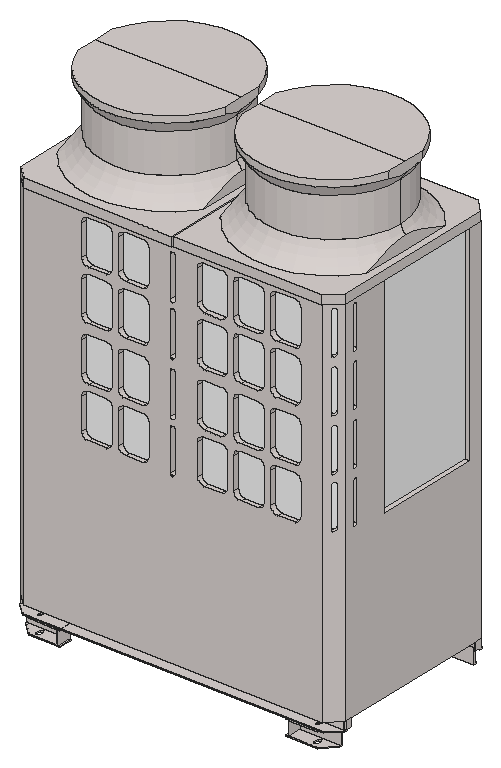
Revit family "PUHY-EM350YNW-A1", category 機械設備, Revit 2016
Family settings
  パーツ タイプ = 標準
  丸型コネクタ寸法 = 半径を使用
  OmniClass 番号 = 23.75.00.00
  OmniClass タイトル = Climate Control (HVAC)
  作業面に基づく = いいえ
  常に垂直 = はい
  ロード時にボイドで切り取り = いいえ
  共有 = いいえ
  部屋の計算ポイント = いいえ
Parameters (values of type "PUHY-EM350YNW-A1_380V_50Hz")
  Temp. range of cooling (Outdoor temp.) (D.B.) = "-5.0 to 52.0"
  Temp. range of cooling (Indoor temp.) (W.B.) = "15.0 to 24.0"
  Sound Pressure Level (dB(A)) Heating mode = 63.5
  Sound Pressure Level (dB(A)) Cooling mode = 62
  モデル = "PUHY-EM350YNW-A1"
  Width = 1240.000 mm
  WarrantyStart = ""
  Voltage = 380 V
  Unit Weight (kg) = 276
  URL = "http://www.mitsubishielectric.com/"
  製造元 = "Mitsubishi Electric Corporation"
  Temp. range of heating (Outdoor temp.) (W.B.) = "-20.0 to 15.5"
  Temp. range of heating (Indoor temp.) (D.B.) = "15.0 to 27.0"
  TagNumber = 0
  Subcategory = "HVAC"
  Space View = yes
  SerialNumber = 0
  ReplacementYear = ""
  Refrigerant type = "R32"
  Refrigerant Charge (kg) = 9.8
  Rated Load Ampacity (A) Heating mode = 20.4
  Rated Load Ampacity (A) Cooling mode = 19
  Protection Devices_Inverter circuit (COMP./FAN) = "Over-heat protection, Over-current protection"
  Protection Devices_High pressure (MPa) = "High pressure sensor, High pressure switch at 4.15"
  Phase = 3
  Outdoor unit Breaker size (A) = 40
  Note_1 = "Refrigerant pipe diameters may change depending on the installation condition. Please refer to the installation manual."
  Maximum Circuit Ampacity (A) = 29.8
  Liquid pipe_radius = 6.350 mm
  InstallationDate = ""
  Indoor Unit Total Capacity = "50 to 130% of outdoor unit capacity"
  Indoor Unit Model/Quantity = "W10 to W125/1 to 30"
  Hertz = 50 Hz
  Height = 1858.000 mm
  Heating Power Input (kW) = 12.12
  Heating Current (A) = 20.4
  Heating Capacity (kW) = 45
  Heating COP (kW/kW) = 3.71
  Gas pipe_radius = 14.290 mm
  Fan_Type = "Propeller Fan"
  Fan_Quantity = 2
  Fan Motor Output (kW) = 0.92
  External static pressure (Pa) = 0
  External Finish = "Pre-coated galvanized steel sheets (+powder coating for -BS type) <MUNSELL 5Y 8/1 or similar>"
  Equip_description = ""
  Equip_No. = 0
  Equip_ID = ""
  Description = ""
  Depth = 740.000 mm
  CreatedOn = ""
  CreatedBy = ""
  Cooling Power Input (kW) = 11.29
  Cooling EER (kW/kW) = 3.54
  Cooling Current (A) = 19
  Cooling Capacity (kW) = 40
  Compressor_Type = "Inverter scroll hermetic compressor"
  Compressor_Quantity = 1
  Compressor_Lubricant = "MEL46EH"
  Compressor Motor Output (kW) = "9.6"
  Category = ""
  Barcode = ""
  AssetIdentifier = ""
  Airflow Rate (m3/min) = 270
  Airflow Rate (m3/h) = 16200
Reference planes
  plane 1 "Center (Front/Back)": y = 0
  plane 2: z = 0
  plane 3 "Center (Left/Right)": x = 0
  plane 4: y = 370
  plane 5: z = 1858
  plane 6: y = -260
  plane 7: y = -204
  plane 8: y = -185
  plane 9: x = -620
  plane 10: x = 620
  plane 11: x = -620
  plane 12: z = 716
  plane 13: x = -524
  plane 14: z = 669
  plane 15: x = -50.5
  plane 16: x = 51
  plane 17: x = 489
  plane 18: x = 467
  plane 19 "132": x = 488
  plane 20 "100": z = 160
  plane 21: z = 185
  plane 22: x = 413
  plane 23: x = 364
  plane 24: z = 150
  plane 25: x = -287.25
  plane 26: x = -137.25
  plane 27: x = -272.25
  plane 28: y = -278
  plane 29: z = 1509
  plane 30: y = -370
  plane 31: x = -530
  plane 32: x = 530
  plane 33 "179": y = -191
Forms (mm)
  Extrusion 1, solid, material "Paint_5Y 8/1"
    sketch origin (-1, 0, 113) x (-1, 0, 0) y (0, -1, 0)
      loop
        line (569, -370) -> (619, -320) -> (619, 320) -> (569, 370) -> (-571, 370) -> (-621, 320) -> (-621, -320) -> (-571, -370) -> (569, -370)
    from -18 to 1408
  Extrusion 2, void
    sketch origin (524, -370, 113) x (1, 0, 0) y (0, 0, -1)
      loop
        arc (-60.8, -1393.5) -> (-42.557, -1385.943) -> (-35, -1367.7) r 25.8
        line (-35, -1367.7) -> (-35, -1248.5)
        arc (-35, -1248.5) -> (-42.557, -1230.257) -> (-60.8, -1222.7) r 25.8
        line (-60.8, -1222.7) -> (-126, -1222.7)
        arc (-126, -1222.7) -> (-144.243, -1230.257) -> (-151.8, -1248.5) r 25.8
        line (-151.8, -1248.5) -> (-151.8, -1367.7)
        arc (-151.8, -1367.7) -> (-144.243, -1385.943) -> (-126, -1393.5) r 25.8
        line (-126, -1393.5) -> (-60.8, -1393.5)
    from 0 to 20
  Extrusion 3, void
    sketch origin (524, -370, -81) x (1, 0, 0) y (0, 0, -1)
      loop
        arc (-60.8, -1393.5) -> (-42.557, -1385.943) -> (-35, -1367.7) r 25.8
        line (-35, -1367.7) -> (-35, -1248.5)
        arc (-35, -1248.5) -> (-42.557, -1230.257) -> (-60.8, -1222.7) r 25.8
        line (-60.8, -1222.7) -> (-126, -1222.7)
        arc (-126, -1222.7) -> (-144.243, -1230.257) -> (-151.8, -1248.5) r 25.8
        line (-151.8, -1248.5) -> (-151.8, -1367.7)
        arc (-151.8, -1367.7) -> (-144.243, -1385.943) -> (-126, -1393.5) r 25.8
        line (-126, -1393.5) -> (-60.8, -1393.5)
    from 0 to 20
  Extrusion 4, void
    sketch origin (524, -370, -287) x (1, 0, 0) y (0, 0, -1)
      loop
        arc (-60.8, -1393.5) -> (-42.557, -1385.943) -> (-35, -1367.7) r 25.8
        line (-35, -1367.7) -> (-35, -1248.5)
        arc (-35, -1248.5) -> (-42.557, -1230.257) -> (-60.8, -1222.7) r 25.8
        line (-60.8, -1222.7) -> (-126, -1222.7)
        arc (-126, -1222.7) -> (-144.243, -1230.257) -> (-151.8, -1248.5) r 25.8
        line (-151.8, -1248.5) -> (-151.8, -1367.7)
        arc (-151.8, -1367.7) -> (-144.243, -1385.943) -> (-126, -1393.5) r 25.8
        line (-126, -1393.5) -> (-60.8, -1393.5)
    from 0 to 20
  Extrusion 5, void
    sketch origin (524, -370, -481) x (1, 0, 0) y (0, 0, -1)
      loop
        arc (-60.8, -1393.5) -> (-42.557, -1385.943) -> (-35, -1367.7) r 25.8
        line (-35, -1367.7) -> (-35, -1248.5)
        arc (-35, -1248.5) -> (-42.557, -1230.257) -> (-60.8, -1222.7) r 25.8
        line (-60.8, -1222.7) -> (-126, -1222.7)
        arc (-126, -1222.7) -> (-144.243, -1230.257) -> (-151.8, -1248.5) r 25.8
        line (-151.8, -1248.5) -> (-151.8, -1367.7)
        arc (-151.8, -1367.7) -> (-144.243, -1385.943) -> (-126, -1393.5) r 25.8
        line (-126, -1393.5) -> (-60.8, -1393.5)
    from 0 to 20
  Extrusion 6, void
    sketch origin (384, -370, 113) x (1, 0, 0) y (0, 0, -1)
      loop
        arc (-60.8, -1393.5) -> (-42.557, -1385.943) -> (-35, -1367.7) r 25.8
        line (-35, -1367.7) -> (-35, -1248.5)
        arc (-35, -1248.5) -> (-42.557, -1230.257) -> (-60.8, -1222.7) r 25.8
        line (-60.8, -1222.7) -> (-126, -1222.7)
        arc (-126, -1222.7) -> (-144.243, -1230.257) -> (-151.8, -1248.5) r 25.8
        line (-151.8, -1248.5) -> (-151.8, -1367.7)
        arc (-151.8, -1367.7) -> (-144.243, -1385.943) -> (-126, -1393.5) r 25.8
        line (-126, -1393.5) -> (-60.8, -1393.5)
    from 0 to 20
  Extrusion 7, void
    sketch origin (384, -370, -81) x (1, 0, 0) y (0, 0, -1)
      loop
        arc (-60.8, -1393.5) -> (-42.557, -1385.943) -> (-35, -1367.7) r 25.8
        line (-35, -1367.7) -> (-35, -1248.5)
        arc (-35, -1248.5) -> (-42.557, -1230.257) -> (-60.8, -1222.7) r 25.8
        line (-60.8, -1222.7) -> (-126, -1222.7)
        arc (-126, -1222.7) -> (-144.243, -1230.257) -> (-151.8, -1248.5) r 25.8
        line (-151.8, -1248.5) -> (-151.8, -1367.7)
        arc (-151.8, -1367.7) -> (-144.243, -1385.943) -> (-126, -1393.5) r 25.8
        line (-126, -1393.5) -> (-60.8, -1393.5)
    from 0 to 20
  Extrusion 8, void
    sketch origin (384, -370, -287) x (1, 0, 0) y (0, 0, -1)
      loop
        arc (-60.8, -1393.5) -> (-42.557, -1385.943) -> (-35, -1367.7) r 25.8
        line (-35, -1367.7) -> (-35, -1248.5)
        arc (-35, -1248.5) -> (-42.557, -1230.257) -> (-60.8, -1222.7) r 25.8
        line (-60.8, -1222.7) -> (-126, -1222.7)
        arc (-126, -1222.7) -> (-144.243, -1230.257) -> (-151.8, -1248.5) r 25.8
        line (-151.8, -1248.5) -> (-151.8, -1367.7)
        arc (-151.8, -1367.7) -> (-144.243, -1385.943) -> (-126, -1393.5) r 25.8
        line (-126, -1393.5) -> (-60.8, -1393.5)
    from 0 to 20
  Extrusion 9, void
    sketch origin (384, -370, -481) x (1, 0, 0) y (0, 0, -1)
      loop
        arc (-60.8, -1393.5) -> (-42.557, -1385.943) -> (-35, -1367.7) r 25.8
        line (-35, -1367.7) -> (-35, -1248.5)
        arc (-35, -1248.5) -> (-42.557, -1230.257) -> (-60.8, -1222.7) r 25.8
        line (-60.8, -1222.7) -> (-126, -1222.7)
        arc (-126, -1222.7) -> (-144.243, -1230.257) -> (-151.8, -1248.5) r 25.8
        line (-151.8, -1248.5) -> (-151.8, -1367.7)
        arc (-151.8, -1367.7) -> (-144.243, -1385.943) -> (-126, -1393.5) r 25.8
        line (-126, -1393.5) -> (-60.8, -1393.5)
    from 0 to 20
  Extrusion 10, void
    sketch origin (244, -370, 113) x (1, 0, 0) y (0, 0, -1)
      loop
        arc (-60.8, -1393.5) -> (-42.557, -1385.943) -> (-35, -1367.7) r 25.8
        line (-35, -1367.7) -> (-35, -1248.5)
        arc (-35, -1248.5) -> (-42.557, -1230.257) -> (-60.8, -1222.7) r 25.8
        line (-60.8, -1222.7) -> (-126, -1222.7)
        arc (-126, -1222.7) -> (-144.243, -1230.257) -> (-151.8, -1248.5) r 25.8
        line (-151.8, -1248.5) -> (-151.8, -1367.7)
        arc (-151.8, -1367.7) -> (-144.243, -1385.943) -> (-126, -1393.5) r 25.8
        line (-126, -1393.5) -> (-60.8, -1393.5)
    from 0 to 20
  Extrusion 11, void
    sketch origin (244, -370, -81) x (1, 0, 0) y (0, 0, -1)
      loop
        arc (-60.8, -1393.5) -> (-42.557, -1385.943) -> (-35, -1367.7) r 25.8
        line (-35, -1367.7) -> (-35, -1248.5)
        arc (-35, -1248.5) -> (-42.557, -1230.257) -> (-60.8, -1222.7) r 25.8
        line (-60.8, -1222.7) -> (-126, -1222.7)
        arc (-126, -1222.7) -> (-144.243, -1230.257) -> (-151.8, -1248.5) r 25.8
        line (-151.8, -1248.5) -> (-151.8, -1367.7)
        arc (-151.8, -1367.7) -> (-144.243, -1385.943) -> (-126, -1393.5) r 25.8
        line (-126, -1393.5) -> (-60.8, -1393.5)
    from 0 to 20
  Extrusion 12, void
    sketch origin (244, -370, -287) x (1, 0, 0) y (0, 0, -1)
      loop
        arc (-60.8, -1393.5) -> (-42.557, -1385.943) -> (-35, -1367.7) r 25.8
        line (-35, -1367.7) -> (-35, -1248.5)
        arc (-35, -1248.5) -> (-42.557, -1230.257) -> (-60.8, -1222.7) r 25.8
        line (-60.8, -1222.7) -> (-126, -1222.7)
        arc (-126, -1222.7) -> (-144.243, -1230.257) -> (-151.8, -1248.5) r 25.8
        line (-151.8, -1248.5) -> (-151.8, -1367.7)
        arc (-151.8, -1367.7) -> (-144.243, -1385.943) -> (-126, -1393.5) r 25.8
        line (-126, -1393.5) -> (-60.8, -1393.5)
    from 0 to 20
  Extrusion 13, void
    sketch origin (244, -370, -481) x (1, 0, 0) y (0, 0, -1)
      loop
        arc (-60.8, -1393.5) -> (-42.557, -1385.943) -> (-35, -1367.7) r 25.8
        line (-35, -1367.7) -> (-35, -1248.5)
        arc (-35, -1248.5) -> (-42.557, -1230.257) -> (-60.8, -1222.7) r 25.8
        line (-60.8, -1222.7) -> (-126, -1222.7)
        arc (-126, -1222.7) -> (-144.243, -1230.257) -> (-151.8, -1248.5) r 25.8
        line (-151.8, -1248.5) -> (-151.8, -1367.7)
        arc (-151.8, -1367.7) -> (-144.243, -1385.943) -> (-126, -1393.5) r 25.8
        line (-126, -1393.5) -> (-60.8, -1393.5)
    from 0 to 20
  Extrusion 14, void
    sketch origin (-56, -370, 113) x (1, 0, 0) y (0, 0, -1)
      loop
        arc (-60.8, -1393.5) -> (-42.557, -1385.943) -> (-35, -1367.7) r 25.8
        line (-35, -1367.7) -> (-35, -1248.5)
        arc (-35, -1248.5) -> (-42.557, -1230.257) -> (-60.8, -1222.7) r 25.8
        line (-60.8, -1222.7) -> (-126, -1222.7)
        arc (-126, -1222.7) -> (-144.243, -1230.257) -> (-151.8, -1248.5) r 25.8
        line (-151.8, -1248.5) -> (-151.8, -1367.7)
        arc (-151.8, -1367.7) -> (-144.243, -1385.943) -> (-126, -1393.5) r 25.8
        line (-126, -1393.5) -> (-60.8, -1393.5)
    from 0 to 20
  Extrusion 15, void
    sketch origin (-56, -370, -81) x (1, 0, 0) y (0, 0, -1)
      loop
        arc (-60.8, -1393.5) -> (-42.557, -1385.943) -> (-35, -1367.7) r 25.8
        line (-35, -1367.7) -> (-35, -1248.5)
        arc (-35, -1248.5) -> (-42.557, -1230.257) -> (-60.8, -1222.7) r 25.8
        line (-60.8, -1222.7) -> (-126, -1222.7)
        arc (-126, -1222.7) -> (-144.243, -1230.257) -> (-151.8, -1248.5) r 25.8
        line (-151.8, -1248.5) -> (-151.8, -1367.7)
        arc (-151.8, -1367.7) -> (-144.243, -1385.943) -> (-126, -1393.5) r 25.8
        line (-126, -1393.5) -> (-60.8, -1393.5)
    from 0 to 20
  Extrusion 16, void
    sketch origin (-56, -370, -287) x (1, 0, 0) y (0, 0, -1)
      loop
        arc (-60.8, -1393.5) -> (-42.557, -1385.943) -> (-35, -1367.7) r 25.8
        line (-35, -1367.7) -> (-35, -1248.5)
        arc (-35, -1248.5) -> (-42.557, -1230.257) -> (-60.8, -1222.7) r 25.8
        line (-60.8, -1222.7) -> (-126, -1222.7)
        arc (-126, -1222.7) -> (-144.243, -1230.257) -> (-151.8, -1248.5) r 25.8
        line (-151.8, -1248.5) -> (-151.8, -1367.7)
        arc (-151.8, -1367.7) -> (-144.243, -1385.943) -> (-126, -1393.5) r 25.8
        line (-126, -1393.5) -> (-60.8, -1393.5)
    from 0 to 20
  Extrusion 17, void
    sketch origin (-56, -370, -481) x (1, 0, 0) y (0, 0, -1)
      loop
        arc (-60.8, -1393.5) -> (-42.557, -1385.943) -> (-35, -1367.7) r 25.8
        line (-35, -1367.7) -> (-35, -1248.5)
        arc (-35, -1248.5) -> (-42.557, -1230.257) -> (-60.8, -1222.7) r 25.8
        line (-60.8, -1222.7) -> (-126, -1222.7)
        arc (-126, -1222.7) -> (-144.243, -1230.257) -> (-151.8, -1248.5) r 25.8
        line (-151.8, -1248.5) -> (-151.8, -1367.7)
        arc (-151.8, -1367.7) -> (-144.243, -1385.943) -> (-126, -1393.5) r 25.8
        line (-126, -1393.5) -> (-60.8, -1393.5)
    from 0 to 20
  Extrusion 18, void
    sketch origin (-196, -370, 113) x (1, 0, 0) y (0, 0, -1)
      loop
        arc (-60.8, -1393.5) -> (-42.557, -1385.943) -> (-35, -1367.7) r 25.8
        line (-35, -1367.7) -> (-35, -1248.5)
        arc (-35, -1248.5) -> (-42.557, -1230.257) -> (-60.8, -1222.7) r 25.8
        line (-60.8, -1222.7) -> (-126, -1222.7)
        arc (-126, -1222.7) -> (-144.243, -1230.257) -> (-151.8, -1248.5) r 25.8
        line (-151.8, -1248.5) -> (-151.8, -1367.7)
        arc (-151.8, -1367.7) -> (-144.243, -1385.943) -> (-126, -1393.5) r 25.8
        line (-126, -1393.5) -> (-60.8, -1393.5)
    from 0 to 20
  Extrusion 19, void
    sketch origin (-196, -370, -81) x (1, 0, 0) y (0, 0, -1)
      loop
        arc (-60.8, -1393.5) -> (-42.557, -1385.943) -> (-35, -1367.7) r 25.8
        line (-35, -1367.7) -> (-35, -1248.5)
        arc (-35, -1248.5) -> (-42.557, -1230.257) -> (-60.8, -1222.7) r 25.8
        line (-60.8, -1222.7) -> (-126, -1222.7)
        arc (-126, -1222.7) -> (-144.243, -1230.257) -> (-151.8, -1248.5) r 25.8
        line (-151.8, -1248.5) -> (-151.8, -1367.7)
        arc (-151.8, -1367.7) -> (-144.243, -1385.943) -> (-126, -1393.5) r 25.8
        line (-126, -1393.5) -> (-60.8, -1393.5)
    from 0 to 20
  Extrusion 20, void
    sketch origin (-196, -370, -287) x (1, 0, 0) y (0, 0, -1)
      loop
        arc (-60.8, -1393.5) -> (-42.557, -1385.943) -> (-35, -1367.7) r 25.8
        line (-35, -1367.7) -> (-35, -1248.5)
        arc (-35, -1248.5) -> (-42.557, -1230.257) -> (-60.8, -1222.7) r 25.8
        line (-60.8, -1222.7) -> (-126, -1222.7)
        arc (-126, -1222.7) -> (-144.243, -1230.257) -> (-151.8, -1248.5) r 25.8
        line (-151.8, -1248.5) -> (-151.8, -1367.7)
        arc (-151.8, -1367.7) -> (-144.243, -1385.943) -> (-126, -1393.5) r 25.8
        line (-126, -1393.5) -> (-60.8, -1393.5)
    from 0 to 20
  Extrusion 21, void
    sketch origin (-196, -370, -481) x (1, 0, 0) y (0, 0, -1)
      loop
        arc (-60.8, -1393.5) -> (-42.557, -1385.943) -> (-35, -1367.7) r 25.8
        line (-35, -1367.7) -> (-35, -1248.5)
        arc (-35, -1248.5) -> (-42.557, -1230.257) -> (-60.8, -1222.7) r 25.8
        line (-60.8, -1222.7) -> (-126, -1222.7)
        arc (-126, -1222.7) -> (-144.243, -1230.257) -> (-151.8, -1248.5) r 25.8
        line (-151.8, -1248.5) -> (-151.8, -1367.7)
        arc (-151.8, -1367.7) -> (-144.243, -1385.943) -> (-126, -1393.5) r 25.8
        line (-126, -1393.5) -> (-60.8, -1393.5)
    from 0 to 20
  Extrusion 22, void
    sketch origin (620, 320, 113) x (0, 1, 0) y (0, 0, -1)
      loop
        line (-462.3, -1408) -> (-50.8, -1408) -> (-50.8, -612) -> (-462.3, -612) -> (-462.3, -1408)
    from 0 to 20
  Extrusion 23, void
    sketch origin (-620, -320, 113) x (0, -1, 0) y (0, 0, -1)
      loop
        line (-535.7, -1408) -> (-207.7, -1408) -> (-207.7, -592) -> (-535.7, -592) -> (-535.7, -1408)
    from 0 to 20
  Extrusion 24, void
    sketch origin (194.892, 370, 113) x (-1, 0, 0) y (0, 0, -1)
      loop
        arc (204.892, -1225.013) -> (194.892, -1215.013) -> (184.892, -1225.013) r 10
        line (184.892, -1225.013) -> (184.892, -1379.987)
        arc (184.892, -1379.987) -> (194.892, -1389.987) -> (204.892, -1379.987) r 10
        line (204.892, -1379.987) -> (204.892, -1225.013)
      loop
        arc (204.892, -1031.013) -> (194.892, -1021.013) -> (184.892, -1031.013) r 10
        line (184.892, -1031.013) -> (184.892, -1185.987)
        arc (184.892, -1185.987) -> (194.892, -1195.987) -> (204.892, -1185.987) r 10
        line (204.892, -1185.987) -> (204.892, -1031.013)
      loop
        arc (204.892, -825.013) -> (194.892, -815.013) -> (184.892, -825.013) r 10
        line (184.892, -825.013) -> (184.892, -979.987)
        arc (184.892, -979.987) -> (194.892, -989.987) -> (204.892, -979.987) r 10
        line (204.892, -979.987) -> (204.892, -825.013)
      loop
        arc (204.892, -631.013) -> (194.892, -621.013) -> (184.892, -631.013) r 10
        line (184.892, -631.013) -> (184.892, -785.987)
        arc (184.892, -785.987) -> (194.892, -795.987) -> (204.892, -785.987) r 10
        line (204.892, -785.987) -> (204.892, -631.013)
    from 0 to 20
  Extrusion 25, void
    sketch origin (-570, 370, 113) x (0.707107, 0.707107, 0) y (0, 0, 1)
      loop
        arc (-45.355, 1236) -> (-35.355, 1226) -> (-25.355, 1236) r 10
        line (-25.355, 1236) -> (-25.355, 1386)
        arc (-25.355, 1386) -> (-35.355, 1396) -> (-45.355, 1386) r 10
        line (-45.355, 1386) -> (-45.355, 1236)
      loop
        arc (-45.355, 1036) -> (-35.355, 1026) -> (-25.355, 1036) r 10
        line (-25.355, 1036) -> (-25.355, 1186)
        arc (-25.355, 1186) -> (-35.355, 1196) -> (-45.355, 1186) r 10
        line (-45.355, 1186) -> (-45.355, 1036)
      loop
        arc (-45.355, 836) -> (-35.355, 826) -> (-25.355, 836) r 10
        line (-25.355, 836) -> (-25.355, 986)
        arc (-25.355, 986) -> (-35.355, 996) -> (-45.355, 986) r 10
        line (-45.355, 986) -> (-45.355, 836)
      loop
        arc (-45.355, 641) -> (-35.355, 631) -> (-25.355, 641) r 10
        line (-25.355, 641) -> (-25.355, 791)
        arc (-25.355, 791) -> (-35.355, 801) -> (-45.355, 791) r 10
        line (-45.355, 791) -> (-45.355, 641)
    from 0 to 20
  Extrusion 26, void
    sketch origin (-620, -320, 113) x (0, -1, 0) y (0, 0, -1)
      loop
        line (-607.846, -1035.895) -> (-607.846, -1186.105)
        arc (-607.846, -1186.105) -> (-597.846, -1196.105) -> (-587.846, -1186.105) r 10
        line (-587.846, -1186.105) -> (-587.846, -1035.895)
        arc (-587.846, -1035.895) -> (-597.846, -1025.895) -> (-607.846, -1035.895) r 10
      loop
        line (-607.846, -835.895) -> (-607.846, -986.105)
        arc (-607.846, -986.105) -> (-597.846, -996.105) -> (-587.846, -986.105) r 10
        line (-587.846, -986.105) -> (-587.846, -835.895)
        arc (-587.846, -835.895) -> (-597.846, -825.895) -> (-607.846, -835.895) r 10
      loop
        line (-607.846, -1235.895) -> (-607.846, -1386.105)
        arc (-607.846, -1386.105) -> (-597.846, -1396.105) -> (-587.846, -1386.105) r 10
        line (-587.846, -1386.105) -> (-587.846, -1235.895)
        arc (-587.846, -1235.895) -> (-597.846, -1225.895) -> (-607.846, -1235.895) r 10
      loop
        line (-607.846, -635.895) -> (-607.846, -786.105)
        arc (-607.846, -786.105) -> (-597.846, -796.105) -> (-587.846, -786.105) r 10
        line (-587.846, -786.105) -> (-587.846, -635.895)
        arc (-587.846, -635.895) -> (-597.846, -625.895) -> (-607.846, -635.895) r 10
    from 0 to 20
  Extrusion 27, void
    sketch origin (1079, -370, 113) x (1, 0, 0) y (0, 0, -1)
      loop
        arc (-1089, -1379.975) -> (-1079, -1389.975) -> (-1069, -1379.975) r 10
        line (-1069, -1379.975) -> (-1069, -1225)
        arc (-1069, -1225) -> (-1079, -1215) -> (-1089, -1225) r 10
        line (-1089, -1225) -> (-1089, -1379.975)
      loop
        arc (-1089, -1185.975) -> (-1079, -1195.975) -> (-1069, -1185.975) r 10
        line (-1069, -1185.975) -> (-1069, -1031)
        arc (-1069, -1031) -> (-1079, -1021) -> (-1089, -1031) r 10
        line (-1089, -1031) -> (-1089, -1185.975)
      loop
        arc (-1089, -979.975) -> (-1079, -989.975) -> (-1069, -979.975) r 10
        line (-1069, -979.975) -> (-1069, -825)
        arc (-1069, -825) -> (-1079, -815) -> (-1089, -825) r 10
        line (-1089, -825) -> (-1089, -979.975)
      loop
        arc (-1089, -785.975) -> (-1079, -795.975) -> (-1069, -785.975) r 10
        line (-1069, -785.975) -> (-1069, -631)
        arc (-1069, -631) -> (-1079, -621) -> (-1089, -631) r 10
        line (-1089, -631) -> (-1089, -785.975)
    from 0 to 20
  Extrusion 28, void
    sketch origin (-571, 370, 113) x (-1, 0, 0) y (0, 0, -1)
      loop
        line (-519.5, -1408) -> (-48, -1408) -> (-48, -556) -> (-519.5, -556) -> (-519.5, -1408)
    from 0 to 20
  Extrusion 29, void
    sketch origin (-571, 370, 113) x (-1, 0, 0) y (0, 0, -1)
      loop
        line (-1038, -1408) -> (-622, -1408) -> (-622, -556) -> (-1038, -556) -> (-1038, -1408)
    from 0 to 20
  Extrusion 30, void
    sketch origin (620, 320, 113) x (0, 1, 0) y (0, 0, -1)
      loop
        arc (-588, -1035.791) -> (-598, -1025.791) -> (-608, -1035.791) r 10
        line (-608, -1035.791) -> (-608, -1186)
        arc (-608, -1186) -> (-598, -1196) -> (-588, -1186) r 10
        line (-588, -1186) -> (-588, -1035.791)
      loop
        arc (-588, -835.791) -> (-598, -825.791) -> (-608, -835.791) r 10
        line (-608, -835.791) -> (-608, -986)
        arc (-608, -986) -> (-598, -996) -> (-588, -986) r 10
        line (-588, -986) -> (-588, -835.791)
      loop
        arc (-588, -1235.791) -> (-598, -1225.791) -> (-608, -1235.791) r 10
        line (-608, -1235.791) -> (-608, -1386)
        arc (-608, -1386) -> (-598, -1396) -> (-588, -1386) r 10
        line (-588, -1386) -> (-588, -1235.791)
      loop
        arc (-588, -635.791) -> (-598, -625.791) -> (-608, -635.791) r 10
        line (-608, -635.791) -> (-608, -786)
        arc (-608, -786) -> (-598, -796) -> (-588, -786) r 10
        line (-588, -786) -> (-588, -635.791)
    from 0 to 20
  Extrusion 31, void
    sketch origin (1291.751, 351.751, 113) x (0.707107, 0.707107, 0) y (0, 0, -1)
      loop
        line (-995.311, -1236) -> (-995.311, -1386)
        arc (-995.311, -1386) -> (-985.311, -1396) -> (-975.311, -1386) r 10
        line (-975.311, -1386) -> (-975.311, -1236)
        arc (-975.311, -1236) -> (-985.311, -1226) -> (-995.311, -1236) r 10
      loop
        line (-995.311, -1036) -> (-995.311, -1186)
        arc (-995.311, -1186) -> (-985.311, -1196) -> (-975.311, -1186) r 10
        line (-975.311, -1186) -> (-975.311, -1036)
        arc (-975.311, -1036) -> (-985.311, -1026) -> (-995.311, -1036) r 10
      loop
        line (-995.311, -836) -> (-995.311, -986)
        arc (-995.311, -986) -> (-985.311, -996) -> (-975.311, -986) r 10
        line (-975.311, -986) -> (-975.311, -836)
        arc (-975.311, -836) -> (-985.311, -826) -> (-995.311, -836) r 10
      loop
        line (-995.311, -641) -> (-995.311, -791)
        arc (-995.311, -791) -> (-985.311, -801) -> (-975.311, -791) r 10
        line (-975.311, -791) -> (-975.311, -641)
        arc (-975.311, -641) -> (-985.311, -631) -> (-995.311, -641) r 10
    from 0 to 20
  Extrusion 32, void
    sketch origin (0, -191, 0) x (-1, 0, 0) y (0, 0, 1)
      loop
        circle (460, 176) r 6.35
    from 0 to 78.7
  Extrusion 33, void
    sketch origin (0, -191, 0) x (-1, 0, 0) y (0, 0, 1)
      loop
        circle (377, 176) r 14.29
    from 0 to 78.7
Cuts and joins
  Extrusion 2, Extrusion 3, Extrusion 4, Extrusion 5, Extrusion 6, Extrusion 7, Extrusion 8, Extrusion 9, Extrusion 10, Extrusion 11, Extrusion 12, Extrusion 13, Extrusion 14, Extrusion 15, Extrusion 16, Extrusion 17, Extrusion 18, Extrusion 19, Extrusion 20, Extrusion 21, Extrusion 22, Extrusion 23, Extrusion 24, Extrusion 25, Extrusion 26, Extrusion 27, Extrusion 28, Extrusion 29, Extrusion 30, Extrusion 31, Extrusion 32, Extrusion 33 cuts Extrusion 1
Lines and regions (mm)
  model lines
    curve 1: line (-351, -291, 95) -> (-481, -291, 95)
    curve 2: line (-342, -206, 95) -> (-342, -282, 95)
    curve 3: line (-481, -197, 95) -> (-351, -197, 95)
    curve 4: line (-492, -280, 95) -> (-492, -208, 95)
    curve 5: arc (-492, -280, 95) -> (-488.778, -287.778, 95) -> (-481, -291, 95) r 11
    curve 6: arc (-351, -291, 95) -> (-344.636, -288.364, 95) -> (-342, -282, 95) r 9
    curve 7: arc (-342, -206, 95) -> (-344.636, -199.636, 95) -> (-351, -197, 95) r 9
    curve 8: arc (-481, -197, 95) -> (-488.778, -200.222, 95) -> (-492, -208, 95) r 11
    curve 9: line (-30, -370, 1521) -> (-30, -370, 95)
    curve 10: line (30, -370, 1521) -> (30, -370, 95)
    curve 11: line (-485, -370, 215) -> (-357, -370, 215)
    curve 12: line (-495, -370, 141) -> (-495, -370, 205)
    curve 13: line (-357, -370, 131) -> (-485, -370, 131)
    curve 14: line (-347, -370, 205) -> (-347, -370, 141)
    curve 15: arc (-485, -370, 215) -> (-492.071, -370, 212.071) -> (-495, -370, 205) r 10
    curve 16: arc (-495, -370, 141) -> (-492.071, -370, 133.929) -> (-485, -370, 131) r 10
    curve 17: arc (-357, -370, 131) -> (-349.929, -370, 133.929) -> (-347, -370, 141) r 10
    curve 18: arc (-347, -370, 205) -> (-349.929, -370, 212.071) -> (-357, -370, 215) r 10
    curve 19: line (-405, -370, 1521) -> (-405, -370, 716)
    curve 20: line (620, -162.3, 1521) -> (620, -162.3, 95)
    curve 21: line (620, 289.2, 1521) -> (620, 289.2, 95)
    curve 22: line (620, -162.3, 705) -> (620, 289.2, 705)
    curve 23: line (620, -162.3, 725) -> (620, 289.2, 725)
    curve 24: line (620, -76.8, 583) -> (620, 203.2, 583)
    curve 25: line (620, 203.2, 563) -> (620, -76.8, 563)
    curve 26: arc (620, -76.8, 583) -> (620, -83.871, 580.071) -> (620, -86.8, 573) r 10
    curve 27: arc (620, -76.8, 563) -> (620, -83.871, 565.929) -> (620, -86.8, 573) r 10
    curve 28: arc (620, 203.2, 583) -> (620, 210.271, 580.071) -> (620, 213.2, 573) r 10
    curve 29: arc (620, 203.2, 563) -> (620, 210.271, 565.929) -> (620, 213.2, 573) r 10
    curve 30: line (620, -76.8, 478) -> (620, 203.2, 478)
    curve 31: line (620, 203.2, 458) -> (620, -76.8, 458)
    curve 32: arc (620, -76.8, 478) -> (620, -83.871, 475.071) -> (620, -86.8, 468) r 10
    curve 33: arc (620, -76.8, 458) -> (620, -83.871, 460.929) -> (620, -86.8, 468) r 10
    curve 34: arc (620, 203.2, 478) -> (620, 210.271, 475.071) -> (620, 213.2, 468) r 10
    curve 35: arc (620, 203.2, 458) -> (620, 210.271, 460.929) -> (620, 213.2, 468) r 10
    curve 36: line (620, -76.8, 373) -> (620, 203.2, 373)
    curve 37: line (620, 203.2, 353) -> (620, -76.8, 353)
    curve 38: arc (620, -76.8, 373) -> (620, -83.871, 370.071) -> (620, -86.8, 363) r 10
    curve 39: arc (620, -76.8, 353) -> (620, -83.871, 355.929) -> (620, -86.8, 363) r 10
    curve 40: arc (620, 203.2, 373) -> (620, 210.271, 370.071) -> (620, 213.2, 363) r 10
    curve 41: arc (620, 203.2, 353) -> (620, 210.271, 355.929) -> (620, 213.2, 363) r 10
    curve 42: line (620, -76.8, 268) -> (620, 203.2, 268)
    curve 43: line (620, 203.2, 248) -> (620, -76.8, 248)
    curve 44: arc (620, -76.8, 268) -> (620, -83.871, 265.071) -> (620, -86.8, 258) r 10
    curve 45: arc (620, -76.8, 248) -> (620, -83.871, 250.929) -> (620, -86.8, 258) r 10
    curve 46: arc (620, 203.2, 268) -> (620, 210.271, 265.071) -> (620, 213.2, 258) r 10
    curve 47: arc (620, 203.2, 248) -> (620, 210.271, 250.929) -> (620, 213.2, 258) r 10
    curve 48: line (-620, -162.3, 1521) -> (-620, -162.3, 95)
    curve 49: line (-620, 235.7, 1521) -> (-620, 235.7, 95)
    curve 50: line (-620, -112.3, 1521) -> (-620, -112.3, 705)
    curve 51: line (-620, 215.7, 1521) -> (-620, 215.7, 705)
    curve 52: line (-620, 235.7, 705) -> (-620, -162.3, 705)
    curve 53: line (-620, 176.7, 268) -> (-620, -103.3, 268)
    curve 54: line (-620, -103.3, 248) -> (-620, 176.7, 248)
    curve 55: arc (-620, 186.7, 258) -> (-620, 183.771, 265.071) -> (-620, 176.7, 268) r 10
    curve 56: arc (-620, 176.7, 248) -> (-620, 183.771, 250.929) -> (-620, 186.7, 258) r 10
    curve 57: arc (-620, -103.3, 268) -> (-620, -110.371, 265.071) -> (-620, -113.3, 258) r 10
    curve 58: arc (-620, -113.3, 258) -> (-620, -110.371, 250.929) -> (-620, -103.3, 248) r 10
    curve 59: line (-620, 176.7, 373) -> (-620, -103.3, 373)
    curve 60: line (-620, -103.3, 353) -> (-620, 176.7, 353)
    curve 61: arc (-620, 186.7, 363) -> (-620, 183.771, 370.071) -> (-620, 176.7, 373) r 10
    curve 62: arc (-620, 176.7, 353) -> (-620, 183.771, 355.929) -> (-620, 186.7, 363) r 10
    curve 63: arc (-620, -103.3, 373) -> (-620, -110.371, 370.071) -> (-620, -113.3, 363) r 10
    curve 64: arc (-620, -113.3, 363) -> (-620, -110.371, 355.929) -> (-620, -103.3, 353) r 10
    curve 65: line (-620, 176.7, 478) -> (-620, -103.3, 478)
    curve 66: line (-620, -103.3, 458) -> (-620, 176.7, 458)
    curve 67: arc (-620, 186.7, 468) -> (-620, 183.771, 475.071) -> (-620, 176.7, 478) r 10
    curve 68: arc (-620, 176.7, 458) -> (-620, 183.771, 460.929) -> (-620, 186.7, 468) r 10
    curve 69: arc (-620, -103.3, 478) -> (-620, -110.371, 475.071) -> (-620, -113.3, 468) r 10
    curve 70: arc (-620, -113.3, 468) -> (-620, -110.371, 460.929) -> (-620, -103.3, 458) r 10
    curve 71: line (-620, 176.7, 583) -> (-620, -103.3, 583)
    curve 72: line (-620, -103.3, 563) -> (-620, 176.7, 563)
    curve 73: arc (-620, 186.7, 573) -> (-620, 183.771, 580.071) -> (-620, 176.7, 583) r 10
    curve 74: arc (-620, 176.7, 563) -> (-620, 183.771, 565.929) -> (-620, 186.7, 573) r 10
    curve 75: arc (-620, -103.3, 583) -> (-620, -110.371, 580.071) -> (-620, -113.3, 573) r 10
    curve 76: arc (-620, -113.3, 573) -> (-620, -110.371, 565.929) -> (-620, -103.3, 563) r 10
    curve 77: line (-544, 370, 1521) -> (-544, 370, 95)
    curve 78: line (489, 370, 649) -> (30, 370, 649)
    curve 79: line (-30.5, 370, 649) -> (-544, 370, 649)
    curve 80: line (-147.25, 370, 584) -> (-427.25, 370, 584)
    curve 81: line (-427.25, 370, 564) -> (-147.25, 370, 564)
    curve 82: arc (-137.25, 370, 574) -> (-140.179, 370, 581.071) -> (-147.25, 370, 584) r 10
    curve 83: arc (-147.25, 370, 564) -> (-140.179, 370, 566.929) -> (-137.25, 370, 574) r 10
    curve 84: arc (-427.25, 370, 584) -> (-434.321, 370, 581.071) -> (-437.25, 370, 574) r 10
    curve 85: arc (-437.25, 370, 574) -> (-434.321, 370, 566.929) -> (-427.25, 370, 564) r 10
    curve 86: circle (448, -185, 1521) r 15 normal (0, 0, 1)
    curve 87: circle (468, -185, 95) r 26 normal (0, 0, 1)
    curve 88: circle (448, -260, 95) r 32.5 normal (0, 0, 1)
    curve 89: circle (404, -204, 95) r 17 normal (0, 0, 1)
    curve 90: line (-550, -370, 1521) -> (-550, -370, 95)
    curve 91: line (-550, -370, 716) -> (-30, -370, 716)
    curve 92: line (550, -370, 95) -> (550, -370, 1521)
    curve 93: line (30, -370, 716) -> (550, -370, 716)
    curve 94: line (-30.5, 370, 1521) -> (-30.5, 370, 95)
    curve 95: line (30, 370, 1521) -> (30, 370, 95)
    curve 96: line (489, 370, 1521) -> (489, 370, 95)
    curve 97: line (467, 370, 669) -> (467, 370, 649)
    curve 98: line (-352, -370, 223) -> (-550, -370, 223)
    curve 99: line (-342, -370, 213) -> (-342, -370, 95)
    curve 100: arc (-342, -370, 213) -> (-344.929, -370, 220.071) -> (-352, -370, 223) r 10
    curve 101: circle (488, -370, 160) r 32.5 normal (0, -1, 0)
    curve 102: circle (488, -370, 160) r 20 normal (0, -1, 0)
    curve 103: circle (364, -370, 150) r 17 normal (0, -1, 0)
    curve 104: circle (413, -370, 185) r 26 normal (0, -1, 0)
    curve 105: circle (413, -370, 185) r 13.5 normal (0, -1, 0)
    curve 106: line (352, -370, 223) -> (550, -370, 223)
    curve 107: line (342, -370, 213) -> (342, -370, 95)
    curve 108: arc (342, -370, 213) -> (344.929, -370, 220.071) -> (352, -370, 223) r 10
    curve 109: line (-147.25, 370, 479) -> (-427.25, 370, 479)
    curve 110: line (-427.25, 370, 459) -> (-147.25, 370, 459)
    curve 111: arc (-137.25, 370, 469) -> (-140.179, 370, 476.071) -> (-147.25, 370, 479) r 10
    curve 112: arc (-147.25, 370, 459) -> (-140.179, 370, 461.929) -> (-137.25, 370, 469) r 10
    curve 113: arc (-427.25, 370, 479) -> (-434.321, 370, 476.071) -> (-437.25, 370, 469) r 10
    curve 114: arc (-437.25, 370, 469) -> (-434.321, 370, 461.929) -> (-427.25, 370, 459) r 10
    curve 115: line (-147.25, 370, 374) -> (-427.25, 370, 374)
    curve 116: line (-427.25, 370, 354) -> (-147.25, 370, 354)
    curve 117: arc (-137.25, 370, 364) -> (-140.179, 370, 371.071) -> (-147.25, 370, 374) r 10
    curve 118: arc (-147.25, 370, 354) -> (-140.179, 370, 356.929) -> (-137.25, 370, 364) r 10
    curve 119: arc (-427.25, 370, 374) -> (-434.321, 370, 371.071) -> (-437.25, 370, 364) r 10
    curve 120: arc (-437.25, 370, 364) -> (-434.321, 370, 356.929) -> (-427.25, 370, 354) r 10
    curve 121: line (-147.25, 370, 269) -> (-427.25, 370, 269)
    curve 122: line (-427.25, 370, 249) -> (-147.25, 370, 249)
    curve 123: arc (-137.25, 370, 259) -> (-140.179, 370, 266.071) -> (-147.25, 370, 269) r 10
    curve 124: arc (-147.25, 370, 249) -> (-140.179, 370, 251.929) -> (-137.25, 370, 259) r 10
    curve 125: arc (-427.25, 370, 269) -> (-434.321, 370, 266.071) -> (-437.25, 370, 259) r 10
    curve 126: arc (-437.25, 370, 259) -> (-434.321, 370, 251.929) -> (-427.25, 370, 249) r 10
    curve 127: line (399.5, 370, 584) -> (119.5, 370, 584)
    curve 128: line (119.5, 370, 564) -> (399.5, 370, 564)
    curve 129: arc (409.5, 370, 574) -> (406.571, 370, 581.071) -> (399.5, 370, 584) r 10
    curve 130: arc (399.5, 370, 564) -> (406.571, 370, 566.929) -> (409.5, 370, 574) r 10
    curve 131: arc (119.5, 370, 584) -> (112.429, 370, 581.071) -> (109.5, 370, 574) r 10
    curve 132: arc (109.5, 370, 574) -> (112.429, 370, 566.929) -> (119.5, 370, 564) r 10
    curve 133: line (399.5, 370, 479) -> (119.5, 370, 479)
    curve 134: line (119.5, 370, 459) -> (399.5, 370, 459)
    curve 135: arc (409.5, 370, 469) -> (406.571, 370, 476.071) -> (399.5, 370, 479) r 10
    curve 136: arc (399.5, 370, 459) -> (406.571, 370, 461.929) -> (409.5, 370, 469) r 10
    curve 137: arc (119.5, 370, 479) -> (112.429, 370, 476.071) -> (109.5, 370, 469) r 10
    curve 138: arc (109.5, 370, 469) -> (112.429, 370, 461.929) -> (119.5, 370, 459) r 10
    curve 139: line (399.5, 370, 374) -> (119.5, 370, 374)
    curve 140: line (119.5, 370, 354) -> (399.5, 370, 354)
    curve 141: arc (409.5, 370, 364) -> (406.571, 370, 371.071) -> (399.5, 370, 374) r 10
    curve 142: arc (399.5, 370, 354) -> (406.571, 370, 356.929) -> (409.5, 370, 364) r 10
    curve 143: arc (119.5, 370, 374) -> (112.429, 370, 371.071) -> (109.5, 370, 364) r 10
    curve 144: arc (109.5, 370, 364) -> (112.429, 370, 356.929) -> (119.5, 370, 354) r 10
    curve 145: line (399.5, 370, 269) -> (119.5, 370, 269)
    curve 146: line (119.5, 370, 249) -> (399.5, 370, 249)
    curve 147: arc (409.5, 370, 259) -> (406.571, 370, 266.071) -> (399.5, 370, 269) r 10
    curve 148: arc (399.5, 370, 249) -> (406.571, 370, 251.929) -> (409.5, 370, 259) r 10
    curve 149: arc (119.5, 370, 269) -> (112.429, 370, 266.071) -> (109.5, 370, 259) r 10
    curve 150: arc (109.5, 370, 259) -> (112.429, 370, 251.929) -> (119.5, 370, 249) r 10
    curve 151: line (399.5, -370, 584) -> (119.5, -370, 584)
    curve 152: line (119.5, -370, 564) -> (399.5, -370, 564)
    curve 153: arc (409.5, -370, 574) -> (406.571, -370, 581.071) -> (399.5, -370, 584) r 10
    curve 154: arc (399.5, -370, 564) -> (406.571, -370, 566.929) -> (409.5, -370, 574) r 10
    curve 155: arc (119.5, -370, 584) -> (112.429, -370, 581.071) -> (109.5, -370, 574) r 10
    curve 156: arc (109.5, -370, 574) -> (112.429, -370, 566.929) -> (119.5, -370, 564) r 10
    curve 157: line (399.5, -370, 479) -> (119.5, -370, 479)
    curve 158: line (119.5, -370, 459) -> (399.5, -370, 459)
    curve 159: arc (409.5, -370, 469) -> (406.571, -370, 476.071) -> (399.5, -370, 479) r 10
    curve 160: arc (399.5, -370, 459) -> (406.571, -370, 461.929) -> (409.5, -370, 469) r 10
    curve 161: arc (119.5, -370, 479) -> (112.429, -370, 476.071) -> (109.5, -370, 469) r 10
    curve 162: arc (109.5, -370, 469) -> (112.429, -370, 461.929) -> (119.5, -370, 459) r 10
    curve 163: line (399.5, -370, 374) -> (119.5, -370, 374)
    curve 164: line (119.5, -370, 354) -> (399.5, -370, 354)
    curve 165: arc (409.5, -370, 364) -> (406.571, -370, 371.071) -> (399.5, -370, 374) r 10
    curve 166: arc (399.5, -370, 354) -> (406.571, -370, 356.929) -> (409.5, -370, 364) r 10
    curve 167: arc (119.5, -370, 374) -> (112.429, -370, 371.071) -> (109.5, -370, 364) r 10
    curve 168: arc (109.5, -370, 364) -> (112.429, -370, 356.929) -> (119.5, -370, 354) r 10
    curve 169: arc (119.5, -370, 269) -> (112.429, -370, 266.071) -> (109.5, -370, 259) r 10
    curve 170: arc (109.5, -370, 259) -> (112.429, -370, 251.929) -> (119.5, -370, 249) r 10
    curve 171: line (-147.25, -370, 584) -> (-427.25, -370, 584)
    curve 172: line (-427.25, -370, 564) -> (-147.25, -370, 564)
    curve 173: arc (-137.25, -370, 574) -> (-140.179, -370, 581.071) -> (-147.25, -370, 584) r 10
    curve 174: arc (-147.25, -370, 564) -> (-140.179, -370, 566.929) -> (-137.25, -370, 574) r 10
    curve 175: arc (-427.25, -370, 584) -> (-434.321, -370, 581.071) -> (-437.25, -370, 574) r 10
    curve 176: arc (-437.25, -370, 574) -> (-434.321, -370, 566.929) -> (-427.25, -370, 564) r 10
    curve 177: line (-147.25, -370, 479) -> (-427.25, -370, 479)
    curve 178: line (-427.25, -370, 459) -> (-147.25, -370, 459)
    curve 179: arc (-137.25, -370, 469) -> (-140.179, -370, 476.071) -> (-147.25, -370, 479) r 10
    curve 180: arc (-147.25, -370, 459) -> (-140.179, -370, 461.929) -> (-137.25, -370, 469) r 10
    curve 181: arc (-427.25, -370, 479) -> (-434.321, -370, 476.071) -> (-437.25, -370, 469) r 10
    curve 182: arc (-437.25, -370, 469) -> (-434.321, -370, 461.929) -> (-427.25, -370, 459) r 10
    curve 183: line (-147.25, -370, 374) -> (-427.25, -370, 374)
    curve 184: line (-427.25, -370, 354) -> (-147.25, -370, 354)
    curve 185: arc (-137.25, -370, 364) -> (-140.179, -370, 371.071) -> (-147.25, -370, 374) r 10
    curve 186: arc (-147.25, -370, 354) -> (-140.179, -370, 356.929) -> (-137.25, -370, 364) r 10
    curve 187: arc (-427.25, -370, 374) -> (-434.321, -370, 371.071) -> (-437.25, -370, 364) r 10
    curve 188: arc (-437.25, -370, 364) -> (-434.321, -370, 356.929) -> (-427.25, -370, 354) r 10
    curve 189: line (-147.25, -370, 269) -> (-262.25, -370, 269)
    curve 190: line (-262.25, -370, 249) -> (-147.25, -370, 249)
    curve 191: arc (-137.25, -370, 259) -> (-140.179, -370, 266.071) -> (-147.25, -370, 269) r 10
    curve 192: arc (-147.25, -370, 249) -> (-140.179, -370, 251.929) -> (-137.25, -370, 259) r 10
    curve 193: arc (-262.25, -370, 269) -> (-269.321, -370, 266.071) -> (-272.25, -370, 259) r 10
    curve 194: arc (-272.25, -370, 259) -> (-269.321, -370, 251.929) -> (-262.25, -370, 249) r 10
    curve 195: line (234.5, -370, 269) -> (119.5, -370, 269)
    curve 196: line (119.5, -370, 249) -> (234.5, -370, 249)
    curve 197: arc (244.5, -370, 259) -> (241.571, -370, 266.071) -> (234.5, -370, 269) r 10
    curve 198: arc (234.5, -370, 249) -> (241.571, -370, 251.929) -> (244.5, -370, 259) r 10
Dimensions and locks
  nested 2 to nested 2 = 303.000 mm
  cut or joined group 1 (Extrusion 1, Extrusion 2, Extrusion 3, Extrusion 4, Extrusion 5, Extrusion 6, Extrusion 7, Extrusion 8, Extrusion 9, Extrusion 10, Extrusion 11, Extrusion 12, Extrusion 13, Extrusion 14, Extrusion 15, Extrusion 16, Extrusion 17, Extrusion 18, Extrusion 19, Extrusion 20, Extrusion 21, Extrusion 22, Extrusion 23, Extrusion 24, Extrusion 25, Extrusion 26, Extrusion 27, Extrusion 28, Extrusion 29, Extrusion 30, Extrusion 31, Extrusion 32, Extrusion 33) to cut or joined group 1 = 1240.000 mm
  Extrusion 2 sketch curve to Extrusion 2 sketch curve = 116.800 mm
  Extrusion 2 sketch curve to Extrusion 2 sketch curve = 170.800 mm
  Extrusion 3 sketch curve to Extrusion 3 sketch curve = 116.800 mm
  Extrusion 3 sketch curve to Extrusion 3 sketch curve = 170.800 mm
  Extrusion 4 sketch curve to Extrusion 4 sketch curve = 116.800 mm
  Extrusion 4 sketch curve to Extrusion 4 sketch curve = 170.800 mm
  Extrusion 5 sketch curve to Extrusion 5 sketch curve = 116.800 mm
  Extrusion 5 sketch curve to Extrusion 5 sketch curve = 170.800 mm
  Extrusion 6 sketch curve to Extrusion 6 sketch curve = 116.800 mm
  Extrusion 6 sketch curve to Extrusion 6 sketch curve = 170.800 mm
  Extrusion 7 sketch curve to Extrusion 7 sketch curve = 116.800 mm
  Extrusion 7 sketch curve to Extrusion 7 sketch curve = 170.800 mm
  Extrusion 8 sketch curve to Extrusion 8 sketch curve = 116.800 mm
  Extrusion 8 sketch curve to Extrusion 8 sketch curve = 170.800 mm
  Extrusion 9 sketch curve to Extrusion 9 sketch curve = 116.800 mm
  Extrusion 9 sketch curve to Extrusion 9 sketch curve = 170.800 mm
  cut or joined group 1 to cut or joined group 1 = 50.000 mm  (x2)
  Extrusion 10 sketch curve to Extrusion 10 sketch curve = 116.800 mm
  Extrusion 10 sketch curve to Extrusion 10 sketch curve = 170.800 mm
  Extrusion 11 sketch curve to Extrusion 11 sketch curve = 116.800 mm
  Extrusion 11 sketch curve to Extrusion 11 sketch curve = 170.800 mm
  Extrusion 12 sketch curve to Extrusion 12 sketch curve = 116.800 mm
  Extrusion 12 sketch curve to Extrusion 12 sketch curve = 170.800 mm
  Extrusion 13 sketch curve to Extrusion 13 sketch curve = 116.800 mm
  Extrusion 13 sketch curve to Extrusion 13 sketch curve = 170.800 mm
  Extrusion 14 sketch curve to Extrusion 14 sketch curve = 116.800 mm
  Extrusion 14 sketch curve to Extrusion 14 sketch curve = 170.800 mm
  Extrusion 15 sketch curve to Extrusion 15 sketch curve = 116.800 mm
  Extrusion 15 sketch curve to Extrusion 15 sketch curve = 170.800 mm
  Extrusion 16 sketch curve to Extrusion 16 sketch curve = 116.800 mm
  Extrusion 16 sketch curve to Extrusion 16 sketch curve = 170.800 mm
  Extrusion 17 sketch curve to Extrusion 17 sketch curve = 116.800 mm
  Extrusion 17 sketch curve to Extrusion 17 sketch curve = 170.800 mm
  Extrusion 18 sketch curve to Extrusion 18 sketch curve = 116.800 mm
  Extrusion 18 sketch curve to Extrusion 18 sketch curve = 170.800 mm
  Extrusion 19 sketch curve to Extrusion 19 sketch curve = 116.800 mm
  Extrusion 19 sketch curve to Extrusion 19 sketch curve = 170.800 mm
  Extrusion 20 sketch curve to Extrusion 20 sketch curve = 116.800 mm
  Extrusion 20 sketch curve to Extrusion 20 sketch curve = 170.800 mm
  Extrusion 21 sketch curve to Extrusion 21 sketch curve = 116.800 mm
  Extrusion 21 sketch curve to Extrusion 21 sketch curve = 170.800 mm
  plane 3 "Center (Left/Right)" to cut or joined group 1 = 620.000 mm
  cut or joined group 1 to plane 3 "Center (Left/Right)" = 620.000 mm
  Extrusion 1 sketch curve to Extrusion 1 sketch curve = 1240.000 mm
  cut or joined group 1 to plane 8 = 185.000 mm
  cut or joined group 1 to plane 7 = 166.000 mm
  cut or joined group 1 to plane 6 = 110.000 mm
  cut or joined group 1 to plane 12 to cut or joined group 1 = 805.000 mm, 621.000 mm
  plane 5 to plane 2 = 1858.000 mm  (x2)
  cut or joined group 1 to plane 19 "132" = 132.000 mm
  cut or joined group 1 to plane 22 = 207.000 mm
  cut or joined group 1 to plane 23 = 256.000 mm
  cut or joined group 1 to plane 6 = 60.000 mm
  cut or joined group 1 to cut or joined group 1 = 42.154 mm
  cut or joined group 1 to cut or joined group 1 = 11.895 mm
  nested 1 to nested 3 to level = 1798.000 mm, 60.000 mm
  nested 1 to nested 1 = 303.000 mm
  nested 1 to nested 3 = 1495.000 mm
  nested 8 to nested 8 to nested 8 to nested 7 to nested 7 to nested 7 = 54.000 mm, 20.000 mm, 592.000 mm, 20.000 mm, 54.000 mm
  nested 3 to nested 3 = 56.000 mm
  plane 11 to plane 31 to plane 32 to cut or joined group 1 = 90.000 mm, 1060.000 mm, 90.000 mm
  curve 103 to nested 7 = 90.000 mm
  curve 104 to nested 7 = 125.000 mm
  curve 101 to nested 7 = 100.000 mm
  curve 11 to curve 13 to nested 7 = 84.000 mm, 71.000 mm
  cut or joined group 1 to curve 12 to curve 14 = 125.000 mm, 148.000 mm
  nested 2 to nested 7 = 1495.000 mm
  curve 87 to cut or joined group 1 = 152.000 mm
  curve 88 to cut or joined group 1 = 172.000 mm
